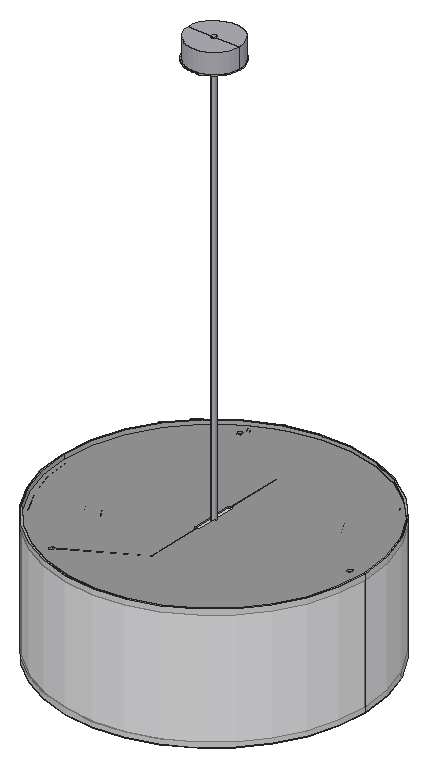
Revit family "Lighting - Lumetta - Pendant - P54214L2", category Lighting Fixtures, host Ceiling, Revit 2015
Parameters
  Wattage = 11.7117 W
  built-in parameter 1150110 = 1 (stored number, unit not read)
  URL = "https://lumetta.com/luminaires/drum-l2-42-pendant/"
  Type Comments = "Drum L2 42'' Pendant"  # constant formula
  built-in parameter 1114217 = 1 (stored number, unit not read)
  Top Lens-Material [instance] = Acrylic - 2447 - White
  Top Lens [instance] = yes
  built-in parameter 1150109 = 1 (stored number, unit not read)
  built-in parameter 1150134 = (empty or 0)
  Suspension [instance] = 2
  built-in parameter 1150113 = 1 (stored number, unit not read)
  Stem Hung-ALL Lamping [instance] = Suspension = 2  # yes
  STD-NON_DIM [instance] = not([3-4-LED])  # yes
  Model URL [instance] = "https://lumetta.com/luminaires/drum-l2-42-pendant/"
  Light Source Symbol Size = 0' - 1"
  Diffuser Material-Outer-Inside [instance] = Shade - Lumetta - D61 - MT_White
  Coupling-Stems Over 60 inches [instance] = and([Stem Hung-ALL Lamping], Fixture Drop > 5' 0")  # no
  Model = "P54214L2"  # constant formula
  Manufacturer = "Lumetta, Inc."  # constant formula
  Lumens = 1300 lm
  built-in parameter 1150115 = 1 (stored number, unit not read)
  built-in parameter 1150105 = 103.45 (stored number, unit not read)
  built-in parameter 1150137 = (empty or 0)
  built-in parameter 1150139 = (empty or 0)
  built-in parameter 1150112 = 1 (stored number, unit not read)
  built-in parameter 1150114 = 1 (stored number, unit not read)
  built-in parameter 1150132 = 1
  built-in parameter 1150102 = (empty or 0)
  built-in parameter 1150138 = (empty or 0)
  built-in parameter 1150107 = 3000 (stored number, unit not read)
  built-in parameter 1150106 = 1.0345 (stored number, unit not read)
  Frame Finish [instance] = Paint - Lumetta - F02 - PC_Chrome
  Fixture Drop [instance] = 4' - 0"
  built-in parameter 1150104 = 10.312 (stored number, unit not read)
  Dimming Lamp Color Temperature Shift = (empty or 0)
  Diffuser Material-Outer [instance] = Shade - Lumetta - D61 - MT_White
  Description = ""
  Cord [instance] = Suspension = 1  # no
  3-4-LED [instance] = and([3 or 4 Wire Dimming OR LED], Suspension = 1)  # no
  3 or 4 Wire Dimming OR LED [instance] = yes
  3 Cables [instance] = Suspension = 1  # no
  1CRD-3CBL-ALL Lamping [instance] = Suspension = 1  # no
  Cord Color [instance] = Cord, Black
  Color Filter = 16777215
  built-in parameter 1114218 = 1 (stored number, unit not read)
  built-in parameter 1150133 = 10 (stored number, unit not read)
Reference planes (in)
  plane 1 "Light Source Axis (F/B)": y = 0
  plane 2 "Ceiling": z = 96
  plane 3 "Light Source Axis (L/R)": x = 0
  plane 4 "Light Source Elevation": z = 45.5
  plane 5 "Fixture-Top": z = 48
  plane 6 "Fixture-Radius": x = 17
  plane 7 "Fixture-Height": z = 34
  plane 8: through (0, 0, 0) normal (-0.5, -0.866, 0)
  plane 9: y = 0
  plane 10: through (0, 0, 0) normal (0.5, -0.866, 0)
  plane 11 "Plane-120": through (-8.5, 14.72243, 0) normal (0.5, -0.866, 0)
  plane 12 "Plane-240": through (-70.85383, 21.27757, 0) normal (0.5, 0.866, 0)
  plane 13: through (0, 0, 0) normal (-0.866, -0.5, 0)
  plane 14: through (0, 0, 0) normal (0.866, -0.5, 0)
Forms (in)
  Revolve 1, solid, material "Paint - Lumetta - F02 - PC_Chrome" <- "Frame Finish", visible <- "1CRD-3CBL-ALL Lamping"
    sketch origin (0, 0, 0) x (1, 0, 0) y (0, 0, 1)
      loop
        line (0, 96) -> (0, 95.4375) -> (3, 95.4375) -> (3, 95.5) -> (2.87509, 95.5) -> (2.87509, 96) -> (0, 96)
      axis (0, 96) -> (0, 95.4375)
    angle from 0 to 360
  Extrusion 2, void
    sketch origin (0, 0, 95.4375) x (0, -1, 0) y (1, 0, 0)
      loop
        circle (0, 0) r 0.25
      loop
        circle (0, 2.5) r 0.06274
      loop
        circle (-2.16506, -1.25) r 0.06274
      loop
        circle (2.16506, -1.25) r 0.06274
    from 0 to 0.06358
  Revolve 3, solid, material "Paint - Lumetta - F02 - PC_Chrome" <- "Frame Finish"
    sketch origin (0, 0, 0) x (1, 0, 0) y (0, 0, 1)
      loop
        line (17, 48) -> (16.875, 48) -> (16.875, 47.5) -> (16.375, 47.5) -> (16.375, 47.375) -> (17, 47.375) -> (17, 48)
      loop
        line (17, 34.625) -> (16.875, 34.625) -> (16.875, 34.125) -> (16.375, 34.125) -> (16.375, 34) -> (17, 34) -> (17, 34.625)
      axis (0, 48) -> (0, 34)
    angle from 0 to 360
  Revolve 4, solid, material "Shade - Lumetta - D61 - MT_White" <- "Diffuser Material-Outer"
    sketch origin (0, 0, 0) x (1, 0, 0) y (0, 0, 1)
      loop
        line (17, 47.99572) -> (17, 34.00701) -> (17.06242, 34.00701) -> (17.06242, 47.99572) -> (17, 47.99572)
      axis (0, 47.99572) -> (0, 34.00701)
    angle from 0 to 360
  Extrusion 5, solid, material "Paint - Lumetta - F02 - PC_Chrome" <- "Frame Finish", visible <- "Stem Hung-ALL Lamping"
    sketch origin (0, 0, 48) x (0, -1, 0) y (-1, 0, 0)
      loop
        circle (0, 0) r 0.25
    from 0.56254 to -48
  Revolve 6, solid, material "Paint - Lumetta - F02 - PC_Chrome" <- "Frame Finish", visible <- "Coupling-Stems Over 60 inches"
    sketch origin (0, 0, 0) x (1, 0, 0) y (0, 0, 1)
      loop
        line (0, 108.52595) -> (0, 107.99572) -> (0.26233, 107.99572)
        arc (0.26233, 107.99572) -> (0.31307, 108.04646) -> (0.26233, 108.09721) r 0.05074
        arc (0.26233, 108.09721) -> (0.29304, 108.26071) -> (0.26243, 108.42423) r 0.45126
        arc (0.26243, 108.42423) -> (0.31329, 108.47509) -> (0.26243, 108.52595) r 0.05086
        line (0.26243, 108.52595) -> (0, 108.52595)
      axis (0, 108.52595) -> (0, 107.99572)
    angle from 0 to 360
  Revolve 7, solid, material "Paint - Lumetta - F02 - PC_Chrome" <- "Frame Finish", visible <- "Stem Hung-ALL Lamping"
    sketch origin (0, 0, 0) x (1, 0, 0) y (0, 0, 1)
      loop
        line (0, 96) -> (0, 93.40625) -> (0.34988, 93.40625)
        arc (0.34988, 93.40625) -> (0.49124, 93.54417) -> (0.58115, 93.72) r 0.61026
        line (0.58115, 93.72) -> (3, 93.72) -> (3, 93.78) -> (2.875, 93.78) -> (2.875, 96) -> (0, 96)
      axis (0, 96) -> (0, 93.40625)
    angle from 0 to 360
  Extrusion 8, solid, material "Cord, Black" <- "Cord Color", visible <- "1CRD-3CBL-ALL Lamping"
    sketch origin (0, 0, 48) x (0, -1, 0) y (1, 0, 0)
      loop
        circle (0, 0) r 0.15674
    from -0.56254 to 48
  Extrusion 9, solid
    sketch origin (0, 0, 48) x (0, -1, 0) y (1, 0, 0)
      loop
        line (-0.5, 16.48559) -> (-0.5, 15.75) -> (0.5, 15.75) -> (0.5, 16.48559)
        arc (0.5, 16.48559) -> (0, 16.49317) -> (-0.5, 16.48559) r 16.49317
      loop
        circle (0, 16) r 0.11051
      loop
        arc (-14.42455, -7.75067) -> (-14.18117, -8.1875) -> (-13.92455, -8.6167) r 16.375
        line (-13.92455, -8.6167) -> (-13.3899, -8.30801) -> (-13.8899, -7.44199) -> (-14.42455, -7.75067)
      loop
        circle (-13.85641, -8) r 0.10826
      loop
        arc (14.02694, -8.67581) -> (14.2835, -8.24658) -> (14.52694, -7.80978) r 16.49317
        line (14.52694, -7.80978) -> (13.8899, -7.44199) -> (13.3899, -8.30801) -> (14.02694, -8.67581)
      loop
        circle (13.85641, -8) r 0.10826
    from -0.5 to -0.71568
  Extrusion 10, solid
    sketch origin (0, 0, 48) x (0, -1, 0) y (1, 0, 0)
      loop
        circle (0, 16) r 0.11051
      loop
        line (-0.76833, 16.23292) -> (-0.76833, 15.46921) -> (-13.81756, -7.13271) -> (-14.42396, -7.48282) -> (-13.67396, -8.78185) -> (-13.01257, -8.4) -> (13.08589, -8.4) -> (13.69229, -8.7501) -> (14.44229, -7.45107) -> (13.7809, -7.06921) -> (0.73167, 15.53271) -> (0.73167, 16.23292) -> (-0.76833, 16.23292)
      loop
        circle (0, 15.25) r 0.15796
      loop
        circle (-13.85641, -8) r 0.11051
      loop
        circle (-13.20689, -7.625) r 0.15796
      loop
        circle (13.85641, -8) r 0.11051
      loop
        circle (13.20689, -7.625) r 0.15796
      loop
        arc (11.2475, -6.7125) -> (11.43695, -6.60313) -> (11.43695, -6.38438) r 0.21875
        line (11.43695, -6.38438) -> (0.18944, 13.09688)
        arc (0.18944, 13.09688) -> (0, 13.20625) -> (-0.18944, 13.09688) r 0.21875
        line (-0.18944, 13.09688) -> (-11.43695, -6.38438)
        arc (-11.43695, -6.38438) -> (-11.43695, -6.60313) -> (-11.2475, -6.7125) r 0.21875
        line (-11.2475, -6.7125) -> (11.2475, -6.7125)
    from -0.625 to -0.71568
  Sweep 11, solid, visible <- "1CRD-3CBL-ALL Lamping"
    path origin (0, 0, 0) x (1, 0, 0) y (0, 0, 1)
      loop
        line (2.5, 95.50108) -> (15.27299, 47.375)
    profile origin (8.8865, 0, 71.43804) x (0.966537, 0, 0.256526) y (0, -1, 0)
      loop
        circle (0, 0) r 0.03083
  Sweep 12, solid, visible <- "1CRD-3CBL-ALL Lamping"
    path origin (0, 0, 0) x (-0.5, 0.866025, 0) y (0, 0, 1)
      loop
        line (2.5, 95.50108) -> (15.27314, 47.3742)
    profile origin (-4.44328, 7.696, 71.43764) x (-0.483269, 0.837046, 0.256524) y (0.866025, 0.5, 0)
      loop
        circle (0, 0) r 0.03083
  Sweep 13, solid, visible <- "1CRD-3CBL-ALL Lamping"
    path origin (0, 0, 0) x (-0.5, -0.866025, 0) y (0, 0, 1)
      loop
        line (2.5, 95.50108) -> (15.27299, 47.375)
    profile origin (-4.44325, -7.69593, 71.43804) x (-0.483269, -0.837046, 0.256526) y (-0.866025, 0.5, 0)
      loop
        circle (0, 0) r 0.03083
  Extrusion 14, solid
    sketch origin (0, 0, 48) x (0, -1, 0) y (1, 0, 0)
      loop
        line (-8.47262, -1.25) -> (8.47262, -1.25) -> (7.02924, 1.25) -> (-7.02924, 1.25) -> (-8.47262, -1.25)
      loop
        circle (0, 0) r 0.28281
    from -0.56254 to -0.625
  Extrusion 15, solid, material "Acrylic - 2447 - White" <- "Top Lens-Material", visible <- "Top Lens"
    sketch origin (0, 0, 48) x (0, -1, 0) y (1, 0, 0)
      loop
        line (-2.50665, 0.05287) -> (-8.76685, 0.05287) -> (-13.06871, -7.39816)
        arc (-13.06871, -7.39816) -> (-13.39627, -7.81123) -> (-12.97776, -7.49064) r 0.26561
        line (-12.97776, -7.49064) -> (-8.69468, -0.07213) -> (-2.50665, -0.07213)
        arc (-2.50665, -0.07213) -> (-2.4132, -0.21734) -> (-2.25, -0.27378) r 0.26415
        line (-2.25, -0.27378) -> (2.25, -0.27378)
        arc (2.25, -0.27378) -> (2.41692, -0.21436) -> (2.50874, -0.06284) r 0.26415
        line (2.50874, -0.06284) -> (8.68932, -0.06284) -> (12.97864, -7.49217)
        arc (12.97864, -7.49217) -> (13.3955, -7.80984) -> (13.06947, -7.39949) r 0.26408
        line (13.06947, -7.39949) -> (8.76109, 0.06284) -> (2.50402, 0.06284)
        arc (2.50402, 0.06284) -> (2.40911, 0.20123) -> (2.25, 0.25453) r 0.26415
        line (2.25, 0.25453) -> (-2.25, 0.25453)
        arc (-2.25, 0.25453) -> (-2.4132, 0.19808) -> (-2.50665, 0.05287) r 0.26415
      loop
        circle (0, 15.25) r 0.26626
      loop
        circle (0, 0) r 16.84375
    from -0.5 to -0.375
  Revolve 16, solid, material "Paint - Lumetta - F02 - PC_Chrome" <- "Frame Finish", visible <- "STD-NON_DIM"
    sketch origin (0, 0, 0) x (1, 0, 0) y (0, 0, 1)
      loop
        line (0, 95.4375) -> (0, 94.87435) -> (0.28215, 94.87435) -> (0.37481, 95.4375) -> (0, 95.4375)
      axis (0, 95.4375) -> (0, 94.87435)
    angle from 0 to 360
  Revolve 17, solid, material "Paint - Lumetta - F02 - PC_Chrome" <- "Frame Finish", visible <- "3-4-LED"
    sketch origin (0, 0, 0) x (1, 0, 0) y (0, 0, 1)
      loop
        line (0, 95.4375) -> (0, 95.3765) -> (0.37481, 95.3765) -> (0.37481, 95.4375) -> (0, 95.4375)
      axis (0, 95.4375) -> (0, 95.3765)
    angle from 0 to 360
  Extrusion 18, solid, material "Acrylic - 2447 - White"
    sketch origin (0, 0, 48) x (0, -1, 0) y (1, 0, 0)
      loop
        circle (0, 0) r 11.5
      loop
        circle (0, 10.5) r 0.07031
      loop
        circle (-9.09327, -5.25) r 0.07031
      loop
        circle (9.09327, -5.25) r 0.07031
      loop
        arc (7.0848, -4.85377) -> (7.06805, -4.79127) -> (7.0848, -4.72877) r 0.125
        line (7.0848, -4.72877) -> (7.63763, -3.77123)
        arc (7.63763, -3.77123) -> (7.68338, -3.72548) -> (7.74588, -3.70873) r 0.125
        line (7.74588, -3.70873) -> (9.02922, -3.70873)
        arc (9.02922, -3.70873) -> (9.2436, -3.64141) -> (9.38101, -3.46362) r 0.375
        arc (9.38101, -3.46362) -> (8.66025, 5) -> (1.69092, 9.856) r 10
        arc (1.69092, 9.856) -> (1.46825, 9.8259) -> (1.30275, 9.6739) r 0.375
        line (1.30275, 9.6739) -> (0.66108, 8.5625)
        arc (0.66108, 8.5625) -> (0.61533, 8.51675) -> (0.55283, 8.5) r 0.125
        line (0.55283, 8.5) -> (-0.55283, 8.5)
        arc (-0.55283, 8.5) -> (-0.61533, 8.51675) -> (-0.66108, 8.5625) r 0.125
        line (-0.66108, 8.5625) -> (-1.30275, 9.6739)
        arc (-1.30275, 9.6739) -> (-1.46825, 9.8259) -> (-1.69092, 9.856) r 0.375
        arc (-1.69092, 9.856) -> (-8.66025, 5) -> (-9.38101, -3.46362) r 10
        arc (-9.38101, -3.46362) -> (-9.2436, -3.64141) -> (-9.02922, -3.70873) r 0.375
        line (-9.02922, -3.70873) -> (-7.74588, -3.70873)
        arc (-7.74588, -3.70873) -> (-7.68338, -3.72548) -> (-7.63763, -3.77123) r 0.125
        line (-7.63763, -3.77123) -> (-7.0848, -4.72877)
        arc (-7.0848, -4.72877) -> (-7.06805, -4.79127) -> (-7.0848, -4.85377) r 0.125
        line (-7.0848, -4.85377) -> (-7.72647, -5.96517)
        arc (-7.72647, -5.96517) -> (-7.77536, -6.18449) -> (-7.69009, -6.39238) r 0.375
        arc (-7.69009, -6.39238) -> (0, -10) -> (7.69009, -6.39238) r 10
        arc (7.69009, -6.39238) -> (7.77536, -6.18449) -> (7.72647, -5.96517) r 0.375
        line (7.72647, -5.96517) -> (7.0848, -4.85377)
    from -0.95697 to -0.71568
  Extrusion 19, solid, material "Acrylic - P95 - Etched White"
    sketch origin (0, 0, 48) x (0, -1, 0) y (1, 0, 0)
      loop
        circle (0, 0) r 11.5
    from -10.71679 to -10.46688
  Revolve 20, solid
    sketch origin (0, 0, 0) x (1, 0, 0) y (0, 0, 1)
      loop
        line (16.9375, 47.375) -> (16.875, 47.375) -> (16.875, 34.125) -> (16.9375, 34.125) -> (16.9375, 47.375)
      axis (0, 47.375) -> (0, 34.125)
    angle from 0 to 360
  Revolve 21, solid, material "Shade - Lumetta - D61 - MT_White"
    sketch origin (0, 0, 0) x (1, 0, 0) y (0, 0, 1)
      loop
        line (11.5, 47.28432) -> (11.5, 37.28432) -> (11.53125, 37.28432) -> (11.53125, 47.28432) -> (11.5, 47.28432)
      axis (0, 47.28432) -> (0, 37.28432)
    angle from 0 to 360
Dimensions and locks (in)
  equal spacing: host sketch curve, plane 3 "Light Source Axis (L/R)", host sketch curve
  equal spacing: host sketch curve, plane 1 "Light Source Axis (F/B)", host sketch curve
  host sketch curve to host sketch curve = 10' - 0"  (x2)
  "Fixture Drop": plane 2 "Ceiling" to plane 5 "Fixture-Top"
  locked: plane 5 "Fixture-Top" to plane 4 "Light Source Elevation" at 2.5
  locked: plane 6 "Fixture-Radius" to plane 3 "Light Source Axis (L/R)" at 17
  locked: plane 5 "Fixture-Top" to plane 7 "Fixture-Height" at 14
  locked: Extrusion 2 sketch curve to Extrusion 2 sketch curve at 2.5
  locked: plane 6 "Fixture-Radius" to Revolve 3 sketch curve at 0.125  (x2)
  locked: Revolve 4 sketch curve to plane 6 "Fixture-Radius" at 0.06242
  locked: Extrusion 5 sketch curve to imposter light
  locked: Extrusion 5 sketch curve to imposter light at 0
  Revolve 6 sketch curve to Revolve 6 sketch curve = 0' - 0.15822"
  locked: Revolve 6 sketch curve to Revolve 4 at 60
  locked: Revolve 6 sketch curve to Revolve 6 sketch curve at 0.53023
  locked: Revolve 6 sketch curve to Revolve 6 sketch curve at 0.26243
  locked: Revolve 6 sketch curve to Revolve 6 sketch curve at 0.26233
  locked: Revolve 6 sketch curve to Revolve 6 sketch curve at 0.05074
  locked: Revolve 6 sketch curve to Revolve 6 sketch curve at 0.47937
  locked: Revolve 6 sketch curve to Revolve 6 sketch curve at 0.26512
  locked: Revolve 7 sketch curve to Revolve 7 sketch curve at 2.875
  locked: Revolve 7 sketch curve to Revolve 7 sketch curve at 0.31375
  locked: plane 5 "Fixture-Top" to Revolve 3 sketch curve at 0.625
  locked: Revolve 3 sketch curve to Revolve 3 sketch curve at 0.125  (x2)
  locked: Revolve 3 sketch curve to plane 7 "Fixture-Height" at 0.625
  locked: plane 6 "Fixture-Radius" to Revolve 3 sketch curve at 0.625
  locked: Revolve 1 sketch curve to Revolve 1 sketch curve at 0.0625
  locked: host ceiling to Revolve 1 sketch curve at 0.5625
  locked: Revolve 1 sketch curve to Revolve 1 sketch curve at 0.5625
  Revolve 1 sketch curve to Revolve 1 sketch curve = 0' - 2.87509"
  equal spacing: Extrusion 9 sketch curve, plane 1 "Light Source Axis (F/B)", Extrusion 9 sketch curve
  locked: Extrusion 9 sketch curve to plane 1 "Light Source Axis (F/B)" at 0.5
  locked: Extrusion 9 sketch curve to plane 6 "Fixture-Radius" at 1
  locked: Extrusion 9 sketch curve to plane 6 "Fixture-Radius" at 1.25
  locked: Extrusion 10 sketch curve to plane 6 "Fixture-Radius" at 1
  locked: Extrusion 10 sketch curve to plane 6 "Fixture-Radius" at 1.75
  locked: plane 10 to plane 11 "Plane-120" at 17
  locked: plane 12 "Plane-240" to plane 8 at 17
  locked: plane 11 "Plane-120" to Extrusion 9 sketch curve at 1.25
  locked: Extrusion 9 sketch curve to plane 11 "Plane-120" at 1
  locked: plane 12 "Plane-240" to Extrusion 9 sketch curve at 1.25
  locked: Extrusion 9 sketch curve to plane 12 "Plane-240" at 1
  locked: Extrusion 10 sketch curve to plane 11 "Plane-120" at 0.76708
  locked: Extrusion 10 sketch curve to plane 12 "Plane-240" at 0.76708
  locked: Extrusion 10 sketch curve to plane 6 "Fixture-Radius" at 0.76708
  locked: Extrusion 10 sketch curve to plane 12 "Plane-240" at 1
  locked: Extrusion 10 sketch curve to plane 12 "Plane-240" at 1.75
  locked: Extrusion 10 sketch curve to plane 11 "Plane-120" at 1
  locked: Extrusion 10 sketch curve to plane 11 "Plane-120" at 1.75
  equal spacing: Extrusion 9 sketch curve, plane 13, Extrusion 9 sketch curve, locked at 0.5 each
  equal spacing: Extrusion 9 sketch curve, plane 14, Extrusion 9 sketch curve
  locked: plane 10 to Extrusion 2 sketch curve at 2.5
  locked: Extrusion 2 sketch curve to plane 8 at 2.5
  locked: Extrusion 10 sketch curve to Extrusion 10 sketch curve at 1.6875  (x3)
  locked: Extrusion 10 sketch curve to Extrusion 10 sketch curve at 1.5  (x3)
  plane 3 "Light Source Axis (L/R)" to Extrusion 14 sketch curve = 0' - 1 1/4"
  Extrusion 14 sketch curve to plane 3 "Light Source Axis (L/R)" = 0' - 1 1/4"
  locked: Extrusion 14 sketch curve to Extrusion 10 at 1.6875  (x2)
  locked: Extrusion 15 sketch curve to plane 9 at 2.25
  locked: Extrusion 15 sketch curve to plane 3 "Light Source Axis (L/R)" at 0.07213
  locked: plane 3 "Light Source Axis (L/R)" to Extrusion 15 sketch curve at 0.05287
  locked: plane 3 "Light Source Axis (L/R)" to Extrusion 15 sketch curve at 0.06284
  locked: Extrusion 15 sketch curve to plane 3 "Light Source Axis (L/R)" at 0.06284
  locked: Extrusion 15 sketch curve to plane 3 "Light Source Axis (L/R)" at 0.00963  (x2)
  locked: Extrusion 15 sketch curve to plane 11 "Plane-120" at 1.75
  locked: Extrusion 15 sketch curve to plane 12 "Plane-240" at 1.75
  locked: Extrusion 15 sketch curve to plane 6 "Fixture-Radius" at 1.75
  locked: Extrusion 15 sketch curve to Extrusion 10 at 0.78125  (x2)
  locked: Extrusion 15 sketch curve to Extrusion 15 sketch curve at 0.125  (x2)
  Extrusion 15 to plane 3 "Light Source Axis (L/R)" = 0' - 0.07213"
  locked: plane 5 "Fixture-Top" to Extrusion 15 at 0.375
  locked: Revolve 1 sketch curve to Revolve 1 sketch curve at 3
  locked: Revolve 1 sketch curve to Revolve 1 sketch curve at 2.87509
  locked: Revolve 16 sketch curve to Revolve 16 sketch curve at 0.37481
  locked: Revolve 16 sketch curve to Revolve 16 sketch curve at 0.28215
  locked: Revolve 1 to Revolve 16 sketch curve at 0.56315
  locked: Revolve 1 to Revolve 17 sketch curve at 0.061
  locked: plane 3 "Light Source Axis (L/R)" to Revolve 17 sketch curve at 0.37481
  locked: Revolve 3 to Revolve 4 at 0.61799
  locked: Extrusion 18 sketch curve to plane 3 "Light Source Axis (L/R)" at 0
  locked: Extrusion 18 sketch curve to plane 9 at 0
  locked: Extrusion 18 to Extrusion 18 at 0.24129
  locked: Extrusion 19 to Extrusion 19 at 0.24991
  locked: Extrusion 18 to Extrusion 19 at 10.0011
  locked: Revolve 20 sketch curve to plane 7 "Fixture-Height" at 0.125
  locked: plane 5 "Fixture-Top" to Revolve 20 sketch curve at 0.625
  locked: Revolve 20 sketch curve to Revolve 20 sketch curve at 0.0625
  locked: plane 6 "Fixture-Radius" to Revolve 20 sketch curve at 0.0625
  locked: Revolve 21 sketch curve to Extrusion 19 at 0.0011
  locked: Revolve 21 sketch curve to Extrusion 18 at 0
  locked: Revolve 21 sketch curve to plane 3 "Light Source Axis (L/R)" at 11.5
  locked: Revolve 21 sketch curve to Revolve 21 sketch curve at 0.03125
  locked: Extrusion 15 sketch curve to Extrusion 15 sketch curve (radius 1' - 4 27/32")
  aligned and locked: plane 3 "Light Source Axis (L/R)" to imposter light
  aligned and locked: plane 1 "Light Source Axis (F/B)" to imposter light
  aligned and locked: plane 4 "Light Source Elevation" to imposter light
  aligned and locked: Revolve 4 sketch curve to plane 3 "Light Source Axis (L/R)"
  aligned and locked: Revolve 6 sketch curve to Revolve 6 sketch curve  (x2)
  aligned and locked: host ceiling to Extrusion 5
  aligned and locked: Extrusion 9 to Extrusion 10
  aligned and locked: Extrusion 9 sketch curve to Revolve 3
  aligned and locked: host ceiling to Extrusion 8
  aligned and locked: Extrusion 5 to Extrusion 14
  aligned and locked: Extrusion 15 sketch curve to Extrusion 15 sketch curve  (x2)
  aligned and locked: Extrusion 15 to Revolve 3
  aligned and locked: Revolve 3 to Extrusion 10
  aligned and locked: Extrusion 9 to Extrusion 15
  aligned and locked: Extrusion 18 to Extrusion 10
Automatic sketch dimensions
  Revolve 4 sketch curve to plane 6 "Fixture-Radius" = 0' - 0"
  Revolve 4 sketch curve to plane 7 "Fixture-Height" = 0' - 0.00701"
  plane 5 "Fixture-Top" to Revolve 4 sketch curve = 0' - 0.00428"
  plane 7 "Fixture-Height" to Revolve 4 sketch curve = 0' - 1 1/4"
  Revolve 4 sketch curve to plane 5 "Fixture-Top" = 0' - 2 1/4"
  Revolve 6 sketch curve to plane 3 "Light Source Axis (L/R)" = 0' - 0"
  Revolve 6 sketch curve to Revolve 6 sketch curve = 0' - 11.34317"
  Revolve 7 sketch curve to plane 3 "Light Source Axis (L/R)" = 0' - 0"  (x3)
  Revolve 7 sketch curve to plane 2 "Ceiling" = 0' - 0"
  plane 3 "Light Source Axis (L/R)" to Revolve 7 sketch curve = 0' - 0.34988"
  Revolve 7 sketch curve to Revolve 7 sketch curve = 0' - 0.23126"
  Revolve 7 sketch curve to Revolve 7 sketch curve = 0' - 0 1/8"
  Revolve 7 sketch curve to plane 2 "Ceiling" = 0' - 2 3/32"
  Revolve 7 sketch curve to Revolve 7 sketch curve = 0' - 0.06"
  plane 2 "Ceiling" to Revolve 7 sketch curve = 0' - 1 3/4"
  Revolve 7 sketch curve to Revolve 7 sketch curve = 0' - 2 1/2"
  plane 1 "Light Source Axis (F/B)" to Extrusion 8 sketch curve = 0' - 0"
  Extrusion 8 sketch curve to plane 3 "Light Source Axis (L/R)" = 0' - 0"
  Revolve 3 sketch curve to plane 3 "Light Source Axis (L/R)" = 0' - 0"
  Revolve 3 sketch curve to plane 7 "Fixture-Height" = 0' - 0"
  Revolve 3 sketch curve to plane 5 "Fixture-Top" = 0' - 0"
  Revolve 3 sketch curve to plane 6 "Fixture-Radius" = 0' - 0"  (x2)
  Revolve 3 sketch curve to level = 0' - 10"
  Revolve 3 sketch curve to plane 2 "Ceiling" = 0' - 1"
  Revolve 3 sketch curve to Revolve 3 sketch curve = 0' - 0 1/2"
  Extrusion 9 sketch curve to Extrusion 9 sketch curve = 0' - 0"  (x2)
  plane 1 "Light Source Axis (F/B)" to Extrusion 9 sketch curve = 0' - 0"  (x2)
  Extrusion 9 sketch curve to Extrusion 9 sketch curve = 0' - 0.03349"  (x2)
  Extrusion 9 sketch curve to Extrusion 9 sketch curve = 0' - 0.17053"
  Extrusion 9 sketch curve to plane 6 "Fixture-Radius" = 0' - 0.51441"
  Extrusion 9 sketch curve to plane 3 "Light Source Axis (L/R)" = 0' - 0"
  plane 14 to Extrusion 9 sketch curve = 0' - 0"
  plane 13 to Extrusion 9 sketch curve = 0' - 0"
  Extrusion 2 sketch curve to Revolve 1 = 0' - 0"
  Extrusion 2 sketch curve to Extrusion 2 sketch curve = 0' - 1 1/4"  (x2)
  Sweep 11 sketch curve to plane 1 "Light Source Axis (F/B)" = 0' - 0"
  Sweep 11 sketch curve to profile plane = 0' - 0"
  Sweep 12 sketch curve to profile plane = 0' - 0"
  profile plane to Sweep 12 sketch curve = 0' - 0"
  profile plane to Sweep 13 sketch curve = 0' - 0"  (x2)
  plane 13 to Extrusion 10 sketch curve = 0' - 0"  (x3)
  plane 1 "Light Source Axis (F/B)" to Extrusion 10 sketch curve = 0' - 0"  (x3)
  plane 14 to Extrusion 10 sketch curve = 0' - 0"  (x2)
  Extrusion 10 sketch curve to plane 14 = 0' - 0"
  Extrusion 10 sketch curve to Extrusion 10 sketch curve = 0' - 0.18245"
  Extrusion 10 sketch curve to plane 1 "Light Source Axis (F/B)" = 0' - 0.18944"
  plane 1 "Light Source Axis (F/B)" to Extrusion 10 sketch curve = 0' - 0.18944"
  plane 1 "Light Source Axis (F/B)" to Extrusion 10 sketch curve = 0' - 0.73167"
  Extrusion 10 sketch curve to Extrusion 10 sketch curve = 0' - 0.121"
  Extrusion 10 sketch curve to Extrusion 10 sketch curve = 0' - 0 7/64"
  Extrusion 10 sketch curve to Extrusion 10 sketch curve = 0' - 1.95938"
  Extrusion 10 sketch curve to Extrusion 10 sketch curve = 0' - 0 7/32"
  Extrusion 10 sketch curve to Extrusion 10 sketch curve = 0' - 0.18944"  (x2)
  Extrusion 10 sketch curve to Extrusion 10 sketch curve = 0' - 0.6064"
  Extrusion 10 sketch curve to Extrusion 10 sketch curve = 0' - 0.66139"
  plane 1 "Light Source Axis (F/B)" to Extrusion 14 sketch curve = 0' - 0"
  Extrusion 14 sketch curve to plane 3 "Light Source Axis (L/R)" = 0' - 0"
  plane 13 to Extrusion 15 sketch curve = 0' - 0"
  plane 1 "Light Source Axis (F/B)" to Extrusion 15 sketch curve = 0' - 0"  (x2)
  plane 14 to Extrusion 15 sketch curve = 0' - 0"
  Extrusion 15 sketch curve to plane 3 "Light Source Axis (L/R)" = 0' - 0"
  plane 1 "Light Source Axis (F/B)" to Extrusion 15 sketch curve = 0' - 2 1/4"
  Extrusion 15 sketch curve to Extrusion 15 sketch curve = 0' - 0.25665"
  Extrusion 15 sketch curve to Extrusion 15 sketch curve = 0' - 0.13436"
  Extrusion 15 sketch curve to Extrusion 15 sketch curve = 0' - 0.09083"
  Revolve 1 sketch curve to plane 3 "Light Source Axis (L/R)" = 0' - 0"  (x2)
  Revolve 1 sketch curve to plane 5 "Fixture-Top" = 0' - 1 1/4"
  Revolve 1 sketch curve to Revolve 1 sketch curve = 0' - 9 3/4"
  Revolve 16 sketch curve to plane 3 "Light Source Axis (L/R)" = 0' - 0"  (x2)
  Revolve 16 sketch curve to plane 2 "Ceiling" = 0' - 0 9/16"
  Revolve 16 sketch curve to Revolve 16 sketch curve = 0' - 1.18685"
  plane 2 "Ceiling" to Revolve 16 sketch curve = 0' - 6 11/16"
  Revolve 17 sketch curve to plane 3 "Light Source Axis (L/R)" = 0' - 0"  (x2)
  Revolve 17 sketch curve to Revolve 17 sketch curve = 0' - 0.061"
  Revolve 17 sketch curve to Revolve 17 sketch curve = 0' - 0.82606"
  Revolve 17 sketch curve to plane 2 "Ceiling" = 0' - 0 1/4"
  Sweep 12 sketch curve to plane 2 "Ceiling" = 0' - 0.49892"
  Sweep 12 sketch curve to plane 10 = 0' - 2 1/2"
  plane 5 "Fixture-Top" to Sweep 12 sketch curve = 0' - 0.6258"
  plane 11 "Plane-120" to Sweep 12 sketch curve = 0' - 1.72686"
  Sweep 13 sketch curve to plane 2 "Ceiling" = 0' - 0.49892"
  plane 8 to Sweep 13 sketch curve = 0' - 2 1/2"
  plane 5 "Fixture-Top" to Sweep 13 sketch curve = 0' - 0 5/8"
  plane 12 "Plane-240" to Sweep 13 sketch curve = 0' - 1.72701"
  Sweep 11 sketch curve to plane 2 "Ceiling" = 0' - 0.49892"
  plane 3 "Light Source Axis (L/R)" to Sweep 11 sketch curve = 0' - 2 1/2"
  plane 5 "Fixture-Top" to Sweep 11 sketch curve = 0' - 0 5/8"
  Sweep 11 sketch curve to plane 6 "Fixture-Radius" = 0' - 1.72701"
  Extrusion 18 sketch curve to Extrusion 18 sketch curve = 0' - 0"  (x12)
  Extrusion 18 sketch curve to Extrusion 18 sketch curve = 0' - 0.06405"
  Extrusion 18 sketch curve to Extrusion 18 sketch curve = 0' - 1.28334"  (x2)
  Extrusion 18 sketch curve to Extrusion 18 sketch curve = 0' - 1.3668"  (x2)
  Extrusion 18 sketch curve to Extrusion 18 sketch curve = 0' - 0.10825"  (x6)
  Extrusion 18 sketch curve to Extrusion 18 sketch curve = 0' - 0.32476"  (x4)
  Extrusion 18 sketch curve to Extrusion 18 sketch curve = 0' - 0.55283"  (x2)
  Extrusion 18 sketch curve to Extrusion 18 sketch curve = 0' - 6.11837"
  Extrusion 18 sketch curve to Extrusion 18 sketch curve = 0' - 0.64167"  (x2)
  Extrusion 18 sketch curve to Extrusion 18 sketch curve = 0' - 7.0848"  (x2)
  Extrusion 18 sketch curve to Extrusion 18 sketch curve = 0' - 1.30275"
  Extrusion 18 sketch curve to Extrusion 18 sketch curve = 0' - 1.10566"
  Extrusion 18 sketch curve to Extrusion 18 sketch curve = 0' - 0.31691"
  Extrusion 18 sketch curve to Extrusion 18 sketch curve = 0' - 0 3/16"  (x4)
  Extrusion 18 sketch curve to Extrusion 18 sketch curve = 0' - 0.71517"  (x2)
  Extrusion 18 sketch curve to Extrusion 18 sketch curve = 0' - 1.1114"  (x2)
  Extrusion 18 sketch curve to Extrusion 18 sketch curve = 0' - 0 1/16"  (x6)
  Extrusion 18 sketch curve to Extrusion 18 sketch curve = 0' - 0.95753"  (x2)
  Extrusion 18 sketch curve to Extrusion 18 sketch curve = 0' - 0 3/8"  (x2)
  Extrusion 18 sketch curve to Extrusion 18 sketch curve = 0' - 4.72877"
  Extrusion 18 sketch curve to Extrusion 18 sketch curve = 0' - 8 1/2"
  Extrusion 18 sketch curve to Extrusion 18 sketch curve = 0' - 0.9239"  (x2)
  Extrusion 18 sketch curve to Extrusion 18 sketch curve = 0' - 0.8261"
  plane 1 "Light Source Axis (F/B)" to Extrusion 19 sketch curve = 0' - 0"
  Extrusion 19 sketch curve to plane 3 "Light Source Axis (L/R)" = 0' - 0"
  Revolve 20 sketch curve to plane 3 "Light Source Axis (L/R)" = 0' - 0"
  level to Revolve 20 sketch curve = 0' - 0 7/8"
  Revolve 20 sketch curve to plane 7 "Fixture-Height" = 0' - 2 1/8"
  Revolve 21 sketch curve to plane 3 "Light Source Axis (L/R)" = 0' - 0"
  plane 7 "Fixture-Height" to Revolve 21 sketch curve = 0' - 5.71568"
  plane 4 "Light Source Elevation" to Revolve 21 sketch curve = 0' - 1.96568"
  radius of Extrusion 5 sketch curve = 0' - 0 1/4"
  radius of Extrusion 8 sketch curve = 0' - 0.15674"
  radius of Extrusion 9 sketch curve = 0' - 0.11051"
  radius of Extrusion 9 sketch curve = 0' - 0.10826"  (x2)
  radius of Extrusion 2 sketch curve = 0' - 0.06274"  (x3)
  radius of Sweep 11 sketch curve = 0' - 0.03083"
  radius of Sweep 12 sketch curve = 0' - 0.03083"
  radius of Sweep 13 sketch curve = 0' - 0.03083"
  radius of Extrusion 10 sketch curve = 0' - 0.11051"  (x3)
  radius of Extrusion 10 sketch curve = 0' - 0.15796"  (x3)
  radius of Extrusion 14 sketch curve = 0' - 0.28281"
  radius of Extrusion 15 sketch curve = 0' - 0.26626"
  radius of Extrusion 2 sketch curve to Revolve 1 = 0' - 2 3/4"
  radius of Extrusion 18 sketch curve = 0' - 11 1/2"
  radius of Extrusion 18 sketch curve = 0' - 0 9/128"  (x3)
  radius of Extrusion 19 sketch curve = 0' - 11 1/2"
